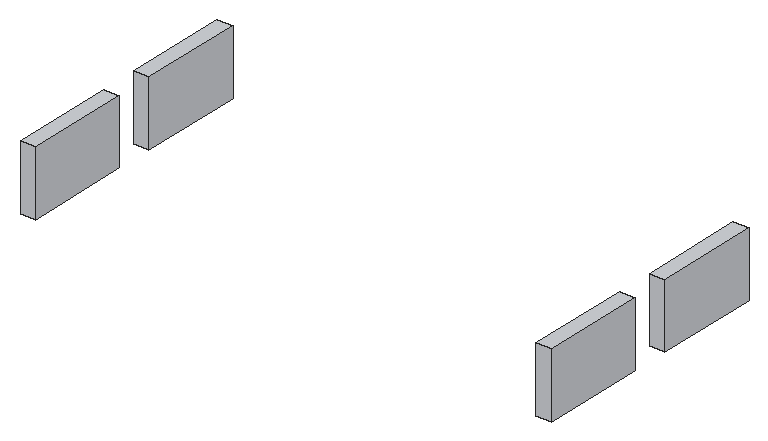
Revit family "TOTUS2MIDI", category Mechanical Equipment, Revit 2013
Parameters
  Warranty period = "Unit 2 Years,Motor 5 Years"
  Motor Rating = "500W max"
  AC Voltage Input = "220-240 V AC (single phase)"
  Width (including suspension bracket) = "1320mm"
  Width (excluding suspension bracket) = "1250mm"
  Weight = "167kg"
  Spigot Diameter = "400mm x 250mm"
  Product Description = "Demand Energy Recovery Ventilation"
  Part Number = "TOTUS2MIDI"
  Operational and Maintenance Manual = "http://www.vent-axia.com/files/pdf-downloads/445924%20D.pdf"
  Operating Temperature = "(-10C to +40C)"
  Operating Humidity = "0% to 95% RH (non-condensing) – weatherproof unit option"
  Manufacturer - Website = "www.vent-axia.com"
  Manufacturer - Name = "Vent-Axia Ltd"
  Manufacturer - Email = "sales@vent-axia.com"
  Manufacturer - Contact Phone = "0844 856 0590"
  Manufacturer - Address = "Fleming Way, Crawley, West Sussex RH10 9YX"
  Length (including Spigots) = "2020mm"
  Length (excluding Spigots) = "1900mm"
  IP Rating - Unit = "IPX4"
  IP Rating - Commissioning Interface = "IP42"
  Height (excluding Spigots) = "350mm"
  Filters = "446603"
  Country of Manufacture = "UK"
  Condensate = "10mm"
  Category = "Sentinel Totus 2"
  AC Frequency Input = "50Hz nominal"
Reference planes
  plane 1 "Center (Front/Back)": y = 0
  plane 2: z = 0
  plane 3 "Center (Left/Right)": x = 0
  plane 4: x = 1015
  plane 5 "1": x = -1010
  plane 6: y = 660
  plane 7: y = -660
Forms (mm)
  Extrusion 1, solid
    sketch origin (1010, 3.062, 0) x (0, -1, 0) y (0, 0, 1)
      loop
        line (482.602, 300.756) -> (82.602, 300.756) -> (82.602, 50.756) -> (482.602, 50.756) -> (482.602, 300.756)
      loop
        line (-59.464, 300.756) -> (-459.464, 300.756) -> (-459.464, 50.756) -> (-59.464, 50.756) -> (-59.464, 300.756)
    from 0 to 58.942
  Extrusion 2, solid
    sketch origin (-1010, 3.062, 0) x (0, -1, 0) y (0, 0, -1)
      loop
        line (482.602, -300.756) -> (482.602, -50.756) -> (82.602, -50.756) -> (82.602, -300.756) -> (482.602, -300.756)
      loop
        line (-59.464, -300.756) -> (-59.464, -50.756) -> (-459.464, -50.756) -> (-459.464, -300.756) -> (-59.464, -300.756)
    from -13.42 to 45.522
Connectors
  hvac at (-1023.42, 262.526, 175.756)
    settings: on Extrusion 2, index 1, duct flow 0.0 L/s, flow factor 0, pres drop 0.0 Pa, loss coef 0, conn angle 0.00°, conn width 400 mm, conn height 250 mm, conn radius 304.8 mm, duct sys type 1, conn prof type 1, flow config 0, flow direction 1, loss method 0, conn ref index -1, conn util no, is conn primary yes, conn desc ""
  hvac at (-1023.42, -279.54, 175.756)
    settings: on Extrusion 2, index 2, duct flow 0.0 L/s, flow factor 0, pres drop 0.0 Pa, loss coef 0, conn angle 0.00°, conn width 400 mm, conn height 250 mm, conn radius 304.8 mm, duct sys type 3, conn prof type 1, flow config 0, flow direction 2, loss method 0, conn ref index -1, conn util no, is conn primary no, conn desc ""
  hvac at (1010, 262.526, 175.756)
    settings: on Extrusion 1, index 3, duct flow 0.0 L/s, flow factor 0, pres drop 0.0 Pa, loss coef 0, conn angle 0.00°, conn width 400 mm, conn height 250 mm, conn radius 304.8 mm, duct sys type 2, conn prof type 1, flow config 0, flow direction 1, loss method 0, conn ref index -1, conn util no, is conn primary no, conn desc ""
  hvac at (1010, -279.54, 175.756)
    settings: on Extrusion 1, index 4, duct flow 0.0 L/s, flow factor 0, pres drop 0.0 Pa, loss coef 0, conn angle 0.00°, conn width 400 mm, conn height 250 mm, conn radius 304.8 mm, duct sys type 1, conn prof type 1, flow config 0, flow direction 2, loss method 0, conn ref index -1, conn util no, is conn primary no, conn desc ""
